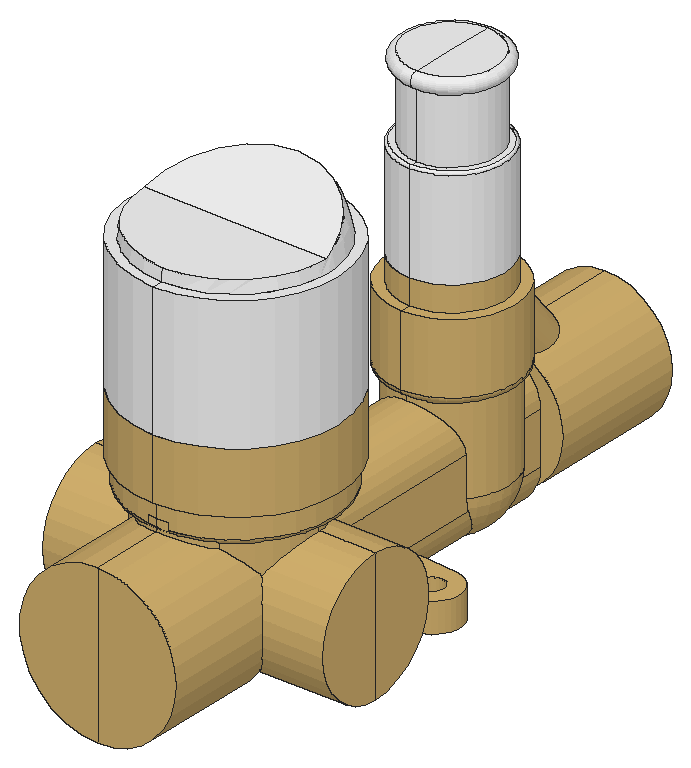
Revit family "Mixer-Bath Shower-Caroma Vivas with Diverter-Body1", category Plumbing Fixtures, host Face, Revit 2015
Parameters (values of type "Chrome")
  Width_ANZRS = 56 mm  # constant formula
  Waste Connection = no
  Vent Connection = no
  URL = "http://specify.caroma.com.au/"
  Type Comments = "Caroma Vivas Bath/Shower Mixer with Diverter In Wall Body"  # constant formula
  ModifiedIssue_ANZRS = 20161216.01  # constant formula
  Model = "80107C"  # constant formula
  Material_ANZRS = Metal-Brass-Chrome
  Manufacturer = "GWA Bathrooms & Kitchens"  # constant formula
  Length_ANZRS = 75 mm  # constant formula
  Height_ANZRS = 170 mm  # constant formula
  HWFU = 2
  HW Connection = yes
  Description = ""
  Default Elevation = 1000 mm
  CreatedBy_ANZRS = "Design Content"  # constant formula
  CreatedByURL_ANZRS = "http://www.designcontent.com.au"
  Cost = 0
  Connector Radius = 10 mm
  CWFU = 2
  CW Connection = yes
  Assembly Code = "D2020300"
Reference planes
  plane 1 "Center (Front/Back)": y = 0
  plane 2: z = 0
  plane 3 "Center (Left/Right)": x = 0
  plane 4 "Left": x = -37.5
  plane 5 "Right": x = 37.5
  plane 6 "Bottom": y = -50
  plane 7 "Top": y = 90
  plane 8 "Front": z = 55.4
Forms (mm)
  Revolve 1, solid, material "Metal-Brass-Chrome" <- "Material_ANZRS"
    sketch origin (0, 0, -94.5) x (0, 1, 0) y (0, 0, 1)
      loop
        line (21, 94.5) -> (21, 121.5) -> (18.894, 121.5)
        arc (18.894, 121.5) -> (17.582, 126.707) -> (14.862, 131.337) r 18.959
        line (14.862, 131.337) -> (0, 131.337) -> (0, 94.5) -> (21, 94.5)
      axis (0, 131.337) -> (0, 94.5)
    angle from 0 to 360
  Revolve 2, solid, material "Metal-Brass-Chrome" <- "Material_ANZRS"
    sketch origin (0, 0, 0) x (0, 1, 0) y (0, 0, 1)
      loop
        line (65.75, 0) -> (65.75, 19.9)
        arc (65.75, 19.9) -> (65.604, 20.254) -> (65.25, 20.4) r 0.5
        line (65.25, 20.4) -> (64, 20.4) -> (64, 33.9)
        arc (64, 33.9) -> (65.5, 35.4) -> (64, 36.9) r 1.5
        line (64, 36.9) -> (55, 36.9) -> (55, 0) -> (65.75, 0)
      axis (55, 0) -> (55, 36.9)
    angle from 0 to 360
  Extrusion 3, void
    sketch origin (0, 0, 0) x (0, 1, 0) y (0, 0, 1)
      loop
        line (0, 29.4) -> (27.164, 39.827) -> (-22.5, 39.827) -> (-22.5, 29.4) -> (0, 29.4)
    from -100 to 100
  Revolve 4, solid, material "Metal-Brass-Brushed"
    sketch origin (0, 0, 0) x (0, 1, 0) y (0, 0, 1)
      loop
        line (55, 0) -> (55, -50.149)
        arc (55, -50.149) -> (63.133, -46.767) -> (66.5, -38.627) r 11.521
        line (66.5, -38.627) -> (66.5, -21.064) -> (67.22, -20.685)
        arc (67.22, -20.685) -> (67.79, -20.148) -> (68, -19.394) r 1.459
        line (68, -19.394) -> (68, -5.1) -> (65.75, -5.1) -> (65.75, 0) -> (55, 0)
      axis (55, -50.149) -> (55, 0)
    angle from 0 to 360
  Revolve 5, solid, material "Metal-Brass-Brushed"
    sketch origin (0, 0, 0) x (0, 1, 0) y (0, 0, 1)
      loop
        line (0, 0) -> (0, -19) -> (17.114, -19)
        arc (17.114, -19) -> (17.408, -18.289) -> (18.119, -17.994) r 1.006
        line (18.119, -17.994) -> (19.186, -17.994)
        arc (19.186, -17.994) -> (19.762, -17.756) -> (20, -17.181) r 0.814
        line (20, -17.181) -> (20, -12.5) -> (21, -12.5) -> (21, 0) -> (0, 0)
      axis (0, -19) -> (0, 0)
    angle from 0 to 360
  Revolve 6, solid, material "Metal-Brass-Brushed"
    sketch origin (0, 0, 0) x (0, 1, 0) y (0, 0, 1)
      loop
        line (94, -34.096) -> (94, -20.596) -> (66.5, -20.596) -> (66.5, -34.096) -> (94, -34.096)
      axis (94, -34.096) -> (66.5, -34.096)
    angle from 0 to 360
  Revolve 7, solid, material "Metal-Brass-Brushed"
    sketch origin (0, 0, 0) x (0, 1, 0) y (0, 0, 1)
      loop
        line (-10.579, -34.098) -> (-10.579, -18.098) -> (-35, -18.098) -> (-35, -34.098) -> (-10.579, -34.098)
      axis (-10.579, -34.098) -> (-35, -34.098)
    angle from 0 to 360
  Revolve 8, solid, material "Metal-Brass-Brushed"
    sketch origin (0, 0, 0) x (1, 0, 0) y (0, 0, 1)
      loop
        line (-28.502, -34.12) -> (28.502, -34.12) -> (28.502, -20.72) -> (-28.502, -20.72) -> (-28.502, -34.12)
      axis (28.502, -34.12) -> (-28.502, -34.12)
    angle from 0 to 360
  Extrusion 9, solid, material "Metal-Brass-Brushed"
    sketch origin (0, 0, 0) x (1, 0, 0) y (0, 0, 1)
      loop
        line (-8.75, -30.833) -> (-8.75, -41.35)
        arc (-8.75, -41.35) -> (0, -50.1) -> (8.75, -41.35) r 8.75
        line (8.75, -41.35) -> (8.75, -30.833)
        arc (8.75, -30.833) -> (0, -22.083) -> (-8.75, -30.833) r 8.75
    from -66.5 to 10.579
  Revolve 10, solid, material "Metal-Brass-Brushed"
    sketch origin (0, 0, 0) x (0, 1, 0) y (0, 0, 1)
      loop
        line (81.252, -24.265) -> (67.113, -7.415) -> (62.134, -11.593) -> (76.273, -28.443) -> (81.252, -24.265)
      axis (76.273, -28.443) -> (62.134, -11.593)
    angle from 0 to 360
  Extrusion 11, solid, material "Metal-Brass-Brushed"
    sketch origin (0, 0, 0) x (1, 0, 0) y (0, 1, 0)
      loop
        arc (-16.436, 35.514) -> (-21.494, 29.994) -> (-16.436, 24.475) r 5.54
        line (-16.436, 24.475) -> (0, 23.037) -> (16.436, 24.475)
        arc (16.436, 24.475) -> (21.494, 29.994) -> (16.436, 35.514) r 5.54
        line (16.436, 35.514) -> (0, 36.952) -> (-16.436, 35.514)
      loop
        circle (-15.953, 29.994) r 2.406
      loop
        circle (15.953, 29.994) r 2.406
    from -50.1 to -44.1
  Extrusion 12, solid, material "Metal-Brass-Brushed"
    sketch origin (0, 0, 0) x (1, 0, 0) y (0, 1, 0)
      loop
        arc (-14.097, 4.819) -> (-16.207, 2.809) -> (-16.984, 0) r 5.466
        arc (-16.984, 0) -> (-14.659, -8.578) -> (-8.319, -14.807) r 16.984
        arc (-8.319, -14.807) -> (-4.914, -18.624) -> (0, -20.041) r 9.229
        arc (0, -20.041) -> (4.914, -18.624) -> (8.319, -14.807) r 9.229
        arc (8.319, -14.807) -> (14.659, -8.578) -> (16.984, 0) r 16.984
        arc (16.984, 0) -> (16.207, 2.809) -> (14.097, 4.819) r 5.466
        arc (14.097, 4.819) -> (10.28, 8.116) -> (8.24, 12.729) r 11.5
        arc (8.24, 12.729) -> (5.333, 17.59) -> (0, 19.5) r 8.4
        arc (0, 19.5) -> (-5.333, 17.59) -> (-8.24, 12.729) r 8.4
        arc (-8.24, 12.729) -> (-10.28, 8.116) -> (-14.097, 4.819) r 11.5
    from -35.371 to -15.784
Cuts and joins
  Extrusion 3 cuts Revolve 1
  joined: Revolve 4, Revolve 10
  joined: Revolve 5, Revolve 6, Revolve 8, Extrusion 9, Extrusion 11
Lines and regions (mm)
  Masking region 1
    outline origin (0, 0, 0) x (1, 0, 0) y (0, 1, 0)
      loop
        circle (0, 0) r 21
      loop
        circle (0, 55) r 10.75
  Masking region 2
    outline origin (0, 0, 0) x (0, 1, 0) y (0, 0, 1)
      loop
        line (65.75, 0) -> (65.75, 19.9)
        arc (65.75, 19.9) -> (65.604, 20.254) -> (65.25, 20.4) r 0.5
        line (65.25, 20.4) -> (64, 20.4) -> (64, 33.9)
        arc (64, 33.9) -> (65.5, 35.4) -> (64, 36.9) r 1.5
        line (64, 36.9) -> (46, 36.9)
        arc (46, 36.9) -> (44.5, 35.4) -> (46, 33.9) r 1.5
        line (46, 33.9) -> (46, 20.4) -> (44.75, 20.4)
        arc (44.75, 20.4) -> (44.396, 20.254) -> (44.25, 19.9) r 0.5
        line (44.25, 19.9) -> (44.25, 0) -> (65.75, 0)
      loop
        line (21, 0) -> (21, 27) -> (18.894, 27)
        arc (18.894, 27) -> (17.881, 31.425) -> (15.847, 35.483) r 19
        line (15.847, 35.483) -> (0, 29.4) -> (-18.483, 29.4)
        arc (-18.483, 29.4) -> (-18.727, 28.207) -> (-18.894, 27) r 19
        line (-18.894, 27) -> (-21, 27) -> (-21, 0) -> (21, 0)
  Masking region 3
    outline origin (0, 0, 0) x (1, 0, 0) y (0, 0, 1)
      loop
        line (-21, 0) -> (21, 0) -> (21, 27) -> (18.894, 27)
        arc (18.894, 27) -> (18.728, 28.207) -> (18.485, 29.4) r 18.883
        spline (18.485, 29.4) -> (18.312, 29.899) -> (18.035, 30.393) -> (17.655, 30.877) -> (17.173, 31.35) -> (16.593, 31.808) -> (15.918, 32.249) -> (15.152, 32.671) -> (14.299, 33.071) -> (13.364, 33.446) -> (12.353, 33.795) -> (11.27, 34.116) -> (10.124, 34.406)
        arc (10.124, 34.406) -> (10.368, 36.016) -> (9, 36.9) r 1.5
        line (9, 36.9) -> (0, 36.9) -> (-9, 36.9)
        arc (-9, 36.9) -> (-10.368, 36.016) -> (-10.124, 34.406) r 1.5
        spline (-10.124, 34.406) -> (-11.27, 34.116) -> (-12.353, 33.795) -> (-13.364, 33.446) -> (-14.299, 33.071) -> (-15.152, 32.671) -> (-15.918, 32.249) -> (-16.593, 31.808) -> (-17.173, 31.35) -> (-17.655, 30.877) -> (-18.035, 30.393) -> (-18.312, 29.899) -> (-18.485, 29.4)
        arc (-18.485, 29.4) -> (-18.728, 28.207) -> (-18.894, 27) r 18.883
        line (-18.894, 27) -> (-21, 27) -> (-21, 0)
  symbolic lines, style "Taps/Mixers"
    curve 1: circle (0, 55, 0) r 10.458 normal (0, 0, 1)
    curve 2: line (0, 18.894, 27) -> (0, -18.894, 27)
    curve 3: line (0, 64, 33.9) -> (0, 46, 33.9)
    curve 4: line (0, 64, 20.4) -> (0, 46, 20.4)
    curve 5: line (9, 0, 20.4) -> (-9, 0, 20.4)
    curve 6: line (-9, 0, 20.4) -> (-9, 0, 33.9)
    curve 7: line (-9, 0, 33.9) -> (9, 0, 33.9)
    curve 8: line (9, 0, 33.9) -> (9, 0, 20.4)
    curve 9: line (10.75, 0, 0) -> (10.75, 0, 19.9)
    curve 10: line (10.25, 0, 20.4) -> (9, 0, 20.4)
    curve 11: arc (10.75, 0, 19.9) -> (10.604, 0, 20.254) -> (10.25, 0, 20.4) r 0.5
    curve 12: line (-10.75, 0, 0) -> (-10.75, 0, 19.9)
    curve 13: line (-10.25, 0, 20.4) -> (-9, 0, 20.4)
    curve 14: arc (-10.75, 0, 19.9) -> (-10.604, 0, 20.254) -> (-10.25, 0, 20.4) r 0.5
    curve 15: arc (9, 0, 33.9) -> (10.5, 0, 35.4) -> (9, 0, 36.9) r 1.5
    curve 16: arc (-9, 0, 33.9) -> (-10.5, 0, 35.4) -> (-9, 0, 36.9) r 1.5
    curve 17: line (21, 0, 27) -> (9, 0, 27)
    curve 18: line (-21, 0, 27) -> (-9, 0, 27)
Dimensions and locks
  plane 6 "Bottom" to plane 7 "Top" = 140 mm
  plane 4 "Left" to plane 5 "Right" = 75 mm
  locked: level to plane 8 "Front" at 55.4
  aligned and locked: plane 2 to host face
  aligned and locked: level to host face
Connectors
  piping at (-28.502, 0, -34.12), diameter 20, driven by "Connector Radius", driven by "HWFU"
    settings: on cut or joined group of Revolve 5, Revolve 6, Revolve 8, Extrusion 9, Extrusion 11, index 1, connector inside diameter 24", connector length 0 mm, flow factor 0, pipe flow 0 GPM, pressure drop 0.00 psi, fitting loss kfactor 0, connector angle 0.00°, fixture units 2, engagement length 0 mm, angle of deflection 0.00°, flow configuration 3, flow direction 1, fitting loss method 0, system type 19, joint type 0, gender type 0, connector reference index -1, connector utility 0, adjustable connector no, is connector primary yes, connector description "Hot Inlet"
  piping at (28.502, 0, -34.12), diameter 20, driven by "Connector Radius", driven by "CWFU"
    settings: on cut or joined group of Revolve 5, Revolve 6, Revolve 8, Extrusion 9, Extrusion 11, index 2, connector inside diameter 24", connector length 0 mm, flow factor 0, pipe flow 0 GPM, pressure drop 0.00 psi, fitting loss kfactor 0, connector angle 0.00°, fixture units 2, engagement length 0 mm, angle of deflection 0.00°, flow configuration 3, flow direction 1, fitting loss method 0, system type 20, joint type 0, gender type 0, connector reference index 3, connector utility 0, adjustable connector no, is connector primary no, connector description "Cold Inlet"
  piping at (0, -35, -34.098), diameter 20, driven by "Connector Radius", driven by "HWFU"
    settings: on cut or joined group of Revolve 5, Revolve 6, Revolve 8, Extrusion 9, Extrusion 11, index 3, connector inside diameter 24", connector length 0 mm, flow factor 0, pipe flow 0 GPM, pressure drop 0.00 psi, fitting loss kfactor 0, connector angle 0.00°, fixture units 2, engagement length 0 mm, angle of deflection 0.00°, flow configuration 3, flow direction 2, fitting loss method 0, system type 19, joint type 0, gender type 0, connector reference index 2, connector utility 0, adjustable connector no, is connector primary no, connector description "Warm Water Outlet"
  piping at (0, 94, -34.096), diameter 20, driven by "Connector Radius", driven by "HWFU"
    settings: on cut or joined group of Revolve 5, Revolve 6, Revolve 8, Extrusion 9, Extrusion 11, index 4, connector inside diameter 24", connector length 0 mm, flow factor 0, pipe flow 0 GPM, pressure drop 0.00 psi, fitting loss kfactor 0, connector angle 0.00°, fixture units 2, engagement length 0 mm, angle of deflection 0.00°, flow configuration 3, flow direction 2, fitting loss method 0, system type 19, joint type 0, gender type 0, connector reference index -1, connector utility 0, adjustable connector no, is connector primary no, connector description "Diverter Outlet"
